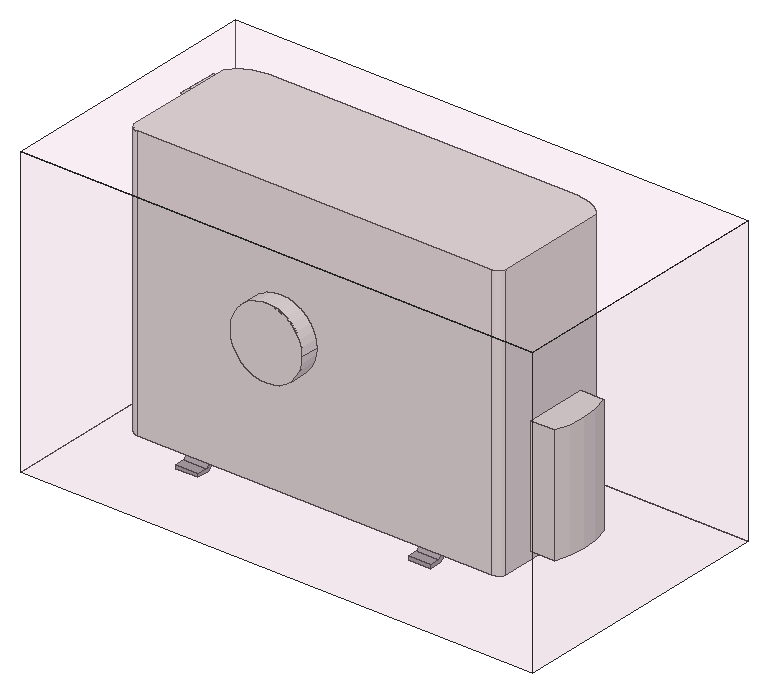
Revit family "BC_Hitachi_RAS-3HVRC2_LOD400", category Equipement de génie climatique, Revit 2018
Family settings
  Cote de connecteur circulaire = Utiliser le diamètre
  Type d'élément = Normal
  Numéro OmniClass = 23.75.70.17
  Titre OmniClass = Water Heated and Cooled Terminal Heating and Cooling Units
  Basée sur le plan de construction = Non
  Toujours verticalement = Oui
  Couper avec des vides une fois chargée = Non
  Partagée = Non
  Point de calcul de pièce = Non
Parameters (values of type "RAS-3HVRC2")
  Zmax (Ω) = 0.4
  Working range (heating) (°C) = "-20~25"
  Working range (cooling) (°C) = "10~46"
  Working range (DHW) (°C) = "-20~35"
  Transmitting cables = "2 x 0,75mm² (*Shielded cable)"
  Visi Maintenance-Installation Area [instance] = yes
  Sound power OU = 69
  Refrigerant charge before shipment = 1.30 kg
  Refrigerant Type = "R32"
  Reference = "RAS-3HVRC2"
  Product Code = ""
  Power supply cables = "2 x 4,0 mm² +GND"
  Piping diameter (liquid) ≥30 = 9.52 mm
  Piping diameter (liquid) ≤ 30 = 6.35 mm
  Piping diameter (gas)  ≥ 30 = 15.88 mm
  Piping diameter (gas)  ≤ 30 = 15.88 mm
  Overall Width = 898.00 mm
  Overall Height = 629.00 mm
  Overall Depth = 300.00 mm
  Object type = ""
  Number of Phases = 1
  Nominal Voltage = 230 V
  Net Weight = 44.00 kg
  Model = "Yutaki 3HP outdoor unit (R32)"
  Maximum Current = 15.8 A
  Global Warming Potential (GWP) (kg CO2 equi/UF) = 675
  Frequency = 50 Hz
  Description = "Yutaki 3HP outdoor unit (R32)"
  BC_VARIANT_ID = "561968"
  BC_OBJECT_VERSION = "#37"  # constant formula
  BC_OBJECT_ID = "215284"  # constant formula
  BC_MODEL_ID = ""  # constant formula
  Applicable voltage - Umin = 207 V
  Miminum piping length = 3000.00 mm
  Maximum piping length (additional refrigerant needed) = "40.00 m"
  Maximum chargless piping length = 10000.00 mm
  Applicable voltage - Umax = 253 V
  Manufacturer Product Link = ""
  MC = 17 A
  MATERIAL = Metal
  Refrigerant pipes connection - liquid pipe diameter = 9.52 mm
  Keyrmark website = ""
  Height difference between OU & IU (lower OU) = 20000.00 mm
  Height difference between OU & IU (higher OU) = 30000.00 mm
  Refrigerant pipes connection - gas pipe diameter = 15.88 mm
  Fabricant = "Hitachi"
  ErP website = "https://www.hitachiaircon-erpactive.com/en/"
  ELB = "2/40/30"
  Type Comments = "Yutaki 3HP outdoor unit (R32)"
  CB = 20 A
  Additional refrigerant charge needed per meter = "15 g/m"
  Actuator cables = "2 x 0,75mm² + GND"
Reference planes
  plane 1 "Centre (avant/arrière)": y = 0
  plane 2 "Bottom": z = 0
  plane 3 "Centre (gauche/droite)": x = 0
  plane 4 "Left": x = -414.5
  plane 5 "Fan Front": y = -190
  plane 6 "Right 1": x = 414.5
  plane 7 "Back": y = 150
  plane 8 "Top": z = 629
  plane 9 "Front": y = -150
  plane 10: z = 314.5
  plane 11: z = 21
  plane 12: z = 335.5
  plane 13: x = -75.753
  plane 14 "Right": x = 483.5
  plane 15: x = -355.753
  plane 16: x = 204.247
  plane 17: z = 615.5
  plane 18: z = 55.5
  plane 19: x = -440.5
  plane 20 "BOX 1": y = 0
  plane 21: y = -69
  plane 22: y = 69
  plane 23: z = 132
  plane 24: z = 193
  plane 25 "BOX 2": y = 60
  plane 26: x = -430.5
  plane 27: x = -401.5
  plane 28: x = 401.5
  plane 29: x = 430.5
  plane 30: x = 440.5
  plane 31: x = 434.5
Forms (mm)
  Extrusion 1, solid, material "Metal" <- "MATERIAL"
    sketch origin (0, 0, 0) x (1, 0, 0) y (0, 1, 0)
      loop
        line (414.5, 150) -> (-414.5, 150) -> (-414.5, -150) -> (414.5, -150) -> (414.5, 150)
    from 21 to 629
  Extrusion 2, solid, material "Metal" <- "MATERIAL"
    sketch origin (67.695, -190, -27.336) x (-1, 0, 0) y (0, 0, 1)
      loop
        circle (143.448, 362.836) r 80
    from 0 to 40
  Sweep 3, void
    path in 3D
      loop
        line (414.5, -150, 629) -> (414.5, -150, 21)
    profile origin (414.5, -150, 325) x (1, 0, 0) y (0, 1, 0)
      loop
        line (0, 0) -> (0, 15)
        arc (0, 15) -> (-7.5, 4.167) -> (-20, 0) r 20.833
        line (-20, 0) -> (0, 0)
  Sweep 4, void
    path in 3D
      loop
        line (-414.5, -150, 629) -> (-414.5, -150, 21)
    profile origin (-414.5, -150, 325) x (-1, 0, 0) y (0, -1, 0)
      loop
        line (0, 0) -> (-20, 0)
        arc (-20, 0) -> (-7.5, -4.167) -> (0, -15) r 20.833
        line (0, -15) -> (0, 0)
  Sweep 5, void
    path in 3D
      loop
        line (-414.5, 150, 629) -> (-414.5, 150, 21)
    profile origin (-414.5, 150, 325) x (-1, 0, 0) y (0, -1, 0)
      loop
        line (0, 0) -> (0, 35)
        arc (0, 35) -> (-30.869, 9.238) -> (-70, 0) r 87.5
        line (-70, 0) -> (0, 0)
  Sweep 6, void
    path in 3D
      loop
        line (414.5, 150, 629) -> (414.5, 150, 21)
    profile origin (414.5, 150, 325) x (1, 0, 0) y (0, 1, 0)
      loop
        line (0, 0) -> (-70, 0)
        arc (-70, 0) -> (-30.869, -9.238) -> (0, -35) r 87.5
        line (0, -35) -> (0, 0)
  Sweep 7, solid, material "Metal" <- "MATERIAL"
    path in 3D
      loop
        line (-401.5, 60, 582.997) -> (-430.5, 60, 618.868)
    profile "Profil2 : Profil2" origin (-416, 60, 600.932) x (0.777649, 0, 0.628699) y (0, 1, 0)
      loop
        line (-13, -31.25) -> (13, -31.25) -> (13, 33.75) -> (-13, 33.75) -> (-13, -31.25)
  Extrusion 8, solid
    sketch origin (0, 0, 0) x (-1, 0, 0) y (0, 0, 1)
      loop
        circle (-434.5, 193) r 4.76
      loop
        circle (-434.5, 132) r 7.94
    from 0 to 69
  Extrusion 9, solid, material "Metal" <- "MATERIAL"
    sketch origin (0, 0, 0) x (1, 0, 0) y (0, 1, 0)
      loop
        line (414.5, 69) -> (414.5, -69) -> (469.5, -69)
        arc (469.5, -69) -> (482.171, 0) -> (469.5, 69) r 194.207
        line (469.5, 69) -> (414.5, 69)
    from 39.5 to 300
  Extrusion 10, solid, material "Aluminium"
    sketch origin (-414.5, 0, 0) x (0, 1, 0) y (0, 0, 1)
      loop
        line (170, 0) -> (170, 7) -> (135, 7) -> (115.104, 21) -> (-127.604, 21) -> (-147.5, 7) -> (-170, 7) -> (-170, 0) -> (-144.601, 0) -> (-124.704, 14) -> (112.204, 14) -> (132.101, 0) -> (170, 0)
    from 121 to 171
  Extrusion 11, solid, material "Aluminium"
    sketch origin (104, 0, 0) x (0, 1, 0) y (0, 0, 1)
      loop
        line (170, 0) -> (170, 7) -> (135, 7) -> (115.104, 21) -> (-127.604, 21) -> (-147.5, 7) -> (-170, 7) -> (-170, 0) -> (-144.601, 0) -> (-124.704, 14) -> (112.204, 14) -> (132.101, 0) -> (170, 0)
    from 121 to 171
Cuts and joins
  Sweep 3, Sweep 4, Sweep 5, Sweep 6 cuts Extrusion 1
  joined: Extrusion 1, Sweep 7
Lines and regions (mm)
  sketch lines
    curve 1: line (414.5, -150, 629) -> (414.5, -150, 21)
    curve 2: line (-414.5, -150, 629) -> (-414.5, -150, 21)
    curve 11: line (-414.5, 150, 629) -> (-414.5, 150, 21)
    curve 12: line (414.5, 150, 629) -> (414.5, 150, 21)
    curve 14: line (-401.5, 60, 582.997) -> (-430.5, 60, 618.868)
  model lines
    curve 3: line (-330.753, -150, 601) -> (189.247, -150, 601)
    curve 4: line (-355.753, -150, 66) -> (-355.753, -150, 576)
    curve 5: line (204.247, -150, 578.087) -> (204.247, -150, 66)
    curve 6: arc (189.247, -150, 601) -> (200.163, -150, 591.78) -> (204.247, -150, 578.087) r 25
    curve 7: arc (179.247, -150, 41) -> (196.925, -150, 48.322) -> (204.247, -150, 66) r 25
    curve 8: line (-330.753, -150, 41) -> (179.247, -150, 41)
    curve 9: arc (-330.753, -150, 41) -> (-348.431, -150, 48.322) -> (-355.753, -150, 66) r 25
    curve 10: arc (-330.753, -150, 601) -> (-348.431, -150, 593.678) -> (-355.753, -150, 576) r 25
  reference lines
    curve 13: line (-401.5, 60, 582.997) -> (-430.5, 60, 618.868)
    curve 15: line (401.5, 0, 582.997) -> (430.5, 0, 618.868)
  model lines, style "Hitachi"
    curve 16: circle (-75.753, -150, 321) r 80 normal (0, 1, 0)
    curve 17: circle (-75.753, -150, 321) r 94.506 normal (0, 1, 0)
    curve 18: circle (-75.753, -150, 321) r 107.494 normal (0, 1, 0)
    curve 19: circle (-75.753, -150, 321) r 122.506 normal (0, 1, 0)
    curve 20: circle (-75.753, -150, 321) r 136.506 normal (0, 1, 0)
    curve 21: circle (-75.753, -150, 321) r 149.494 normal (0, 1, 0)
    curve 22: circle (-75.753, -150, 321) r 163.494 normal (0, 1, 0)
    curve 23: circle (-75.753, -150, 321) r 177.494 normal (0, 1, 0)
    curve 24: circle (-75.753, -150, 321) r 192.506 normal (0, 1, 0)
    curve 25: circle (-75.753, -150, 321) r 205.494 normal (0, 1, 0)
    curve 26: circle (-75.753, -150, 321) r 220.506 normal (0, 1, 0)
    curve 27: circle (-75.753, -150, 321) r 234.506 normal (0, 1, 0)
    curve 28: circle (-75.753, -150, 321) r 247.494 normal (0, 1, 0)
    curve 29: circle (-75.753, -150, 321) r 261.702 normal (0, 1, 0)
    curve 30: line (-82.898, -150, 400.68) -> (-93.465, -150, 582.102)
    curve 31: line (-77.907, -150, 400.971) -> (-88.473, -150, 582.393)
    curve 32: line (-64.33, -150, 400.18) -> (-32.773, -150, 579.149)
    curve 33: line (-59.406, -150, 399.312) -> (-27.849, -150, 578.28)
    curve 34: line (-46.378, -150, 395.412) -> (25.601, -150, 562.278)
    curve 35: line (-41.787, -150, 393.431) -> (30.193, -150, 560.298)
    curve 36: line (-30.009, -150, 386.631) -> (78.512, -150, 532.401)
    curve 37: line (-25.998, -150, 383.646) -> (82.523, -150, 529.415)
    curve 38: line (-16.106, -150, 374.313) -> (123.106, -150, 491.126)
    curve 39: line (-12.893, -150, 370.483) -> (126.32, -150, 487.296)
    curve 40: line (-5.419, -150, 359.12) -> (156.98, -150, 440.68)
    curve 41: line (-3.175, -150, 354.652) -> (159.224, -150, 436.212)
    curve 42: line (1.476, -150, 341.873) -> (178.307, -150, 383.783)
    curve 43: line (2.629, -150, 337.008) -> (179.46, -150, 378.917)
    curve 44: line (4.208, -150, 323.5) -> (185.937, -150, 323.5)
    curve 45: line (4.208, -150, 318.5) -> (185.937, -150, 318.5)
    curve 46: line (2.629, -150, 304.992) -> (179.46, -150, 263.083)
    curve 47: line (1.476, -150, 300.127) -> (178.307, -150, 258.217)
    curve 48: line (-3.175, -150, 287.348) -> (159.224, -150, 205.788)
    curve 49: line (-5.419, -150, 282.88) -> (156.98, -150, 201.32)
    curve 50: line (-12.893, -150, 271.517) -> (126.32, -150, 154.704)
    curve 51: line (-16.106, -150, 267.687) -> (123.106, -150, 150.874)
    curve 52: line (-25.998, -150, 258.354) -> (82.523, -150, 112.585)
    curve 53: line (-30.009, -150, 255.369) -> (78.512, -150, 109.599)
    curve 54: line (-41.787, -150, 248.569) -> (30.193, -150, 81.702)
    curve 55: line (-46.378, -150, 246.588) -> (25.601, -150, 79.722)
    curve 56: line (-59.406, -150, 242.688) -> (-27.849, -150, 63.72)
    curve 57: line (-64.33, -150, 241.82) -> (-32.773, -150, 62.851)
    curve 58: line (-77.907, -150, 241.029) -> (-88.473, -150, 59.607)
    curve 59: line (-82.898, -150, 241.32) -> (-93.465, -150, 59.898)
    curve 60: line (-96.291, -150, 243.681) -> (-148.412, -150, 69.587)
    curve 61: line (-101.081, -150, 245.115) -> (-153.202, -150, 71.021)
    curve 62: line (-113.569, -150, 250.502) -> (-204.433, -150, 93.12)
    curve 63: line (-117.899, -150, 253.002) -> (-208.763, -150, 95.62)
    curve 64: line (-128.807, -150, 261.123) -> (-253.517, -150, 128.938)
    curve 65: line (-132.444, -150, 264.554) -> (-257.154, -150, 132.369)
    curve 66: line (-141.186, -150, 274.972) -> (-293.018, -150, 175.11)
    curve 67: line (-143.933, -150, 279.149) -> (-295.766, -150, 179.288)
    curve 68: line (-150.037, -150, 291.303) -> (-320.806, -150, 229.147)
    curve 69: line (-151.747, -150, 296.001) -> (-322.517, -150, 233.846)
    curve 70: line (-154.883, -150, 309.234) -> (-335.384, -150, 288.137)
    curve 71: line (-155.464, -150, 314.2) -> (-335.964, -150, 293.103)
    curve 72: line (-155.464, -150, 327.8) -> (-335.964, -150, 348.897)
    curve 73: line (-154.883, -150, 332.766) -> (-335.384, -150, 353.863)
    curve 74: line (-151.747, -150, 345.999) -> (-322.517, -150, 408.154)
    curve 75: line (-150.037, -150, 350.697) -> (-320.806, -150, 412.853)
    curve 76: line (-143.933, -150, 362.851) -> (-295.766, -150, 462.712)
    curve 77: line (-141.186, -150, 367.028) -> (-293.018, -150, 466.89)
    curve 78: line (-132.444, -150, 377.446) -> (-257.154, -150, 509.631)
    curve 79: line (-128.807, -150, 380.877) -> (-253.517, -150, 513.062)
    curve 80: line (-117.899, -150, 388.998) -> (-208.763, -150, 546.38)
    curve 81: line (-113.569, -150, 391.498) -> (-204.433, -150, 548.88)
    curve 82: line (-101.081, -150, 396.885) -> (-153.202, -150, 570.979)
    curve 83: line (-96.291, -150, 398.319) -> (-148.412, -150, 572.413)
Dimensions and locks
  equal spacing: plane 4 "Left", plane 3 "Centre (gauche/droite)", plane 6 "Right 1"
  "Overall Height": plane 8 "Top" to level
  equal spacing: plane 8 "Top", plane 10, plane 2 "Bottom"
  plane 12 to plane 10 = 21.00 mm
  plane 11 to plane 2 "Bottom" = 21.00 mm
  plane 5 "Fan Front" to plane 1 "Centre (avant/arrière)" = 190.00 mm
  equal spacing: plane 15, plane 13, plane 16
  plane 15 to plane 13 = 280.00 mm
  equal spacing: plane 17, plane 12, plane 18
  plane 17 to plane 12 = 280.00 mm
  locked: plane 4 "Left" to plane 19 at 26
  locked: plane 23 to plane 2 "Bottom" at 132
  plane 24 to plane 2 "Bottom" = 193.00 mm
  locked: plane 26 to plane 19 at 10
  locked: plane 27 to plane 4 "Left" at 13
  locked: plane 6 "Right 1" to plane 30 at 26
  plane 29 to plane 30 = 10.00 mm
  locked: plane 28 to plane 6 "Right 1" at 13
  locked: plane 6 "Right 1" to plane 31 at 20
  plane 14 "Right" to plane 19 = 924.00 mm
  equal spacing: plane 22, plane 1 "Centre (avant/arrière)", plane 21
  "Overall Depth": plane 7 "Back" to plane 9 "Front"
  "Overall Width": plane 14 "Right" to plane 4 "Left"
  locked: plane 6 "Right 1" to plane 14 "Right" at 69
  "Refrigerant pipes connection - liquid pipe diameter": diameter of Extrusion 8 sketch curve
  "Refrigerant pipes connection - gas pipe diameter": diameter of Extrusion 8 sketch curve
  aligned and locked: level to plane 2 "Bottom"
  aligned and locked: plane 8 "Top" to Extrusion 1
  aligned and locked: Extrusion 1 to plane 11
  aligned and locked: Extrusion 2 to plane 5 "Fan Front"
  aligned and locked: plane 12 to Extrusion 2 sketch curve
  aligned and locked: plane 13 to Extrusion 2 sketch curve
  aligned and locked: plane 15 to curve 4
  aligned and locked: curve 5 to plane 16
  aligned and locked: plane 9 "Front" to Extrusion 2
  aligned and locked: plane 27 to curve 13
  aligned and locked: plane 28 to curve 15
  aligned and locked: curve 15 to plane 29
  aligned and locked: plane 31 to Extrusion 8 sketch curve  (x2)
  aligned and locked: plane 24 to Extrusion 8 sketch curve
  aligned and locked: plane 23 to Extrusion 8 sketch curve
  aligned and locked: plane 22 to Extrusion 8
  aligned and locked: plane 20 "BOX 1" to plane 1 "Centre (avant/arrière)"
Automatic sketch dimensions
  Extrusion 1 sketch curve to plane 4 "Left" = 0.00 mm
  Extrusion 1 sketch curve to plane 6 "Right 1" = 0.00 mm
  Extrusion 1 sketch curve to plane 9 "Front" = 0.00 mm
  plane 7 "Back" to Extrusion 1 sketch curve = 0.00 mm
  profile plane to Sweep 3 sketch curve = 0.00 mm
  Sweep 3 sketch curve to profile plane = 0.00 mm
  Sweep 3 sketch curve to profile plane = 20.00 mm
  Sweep 3 sketch curve to Sweep 3 sketch curve = 15.00 mm
  Sweep 4 sketch curve to profile plane = 0.00 mm  (x2)
  Sweep 4 sketch curve to profile plane = 20.00 mm
  profile plane to Sweep 4 sketch curve = 15.00 mm
  Sweep 5 sketch curve to profile plane = 0.00 mm  (x2)
  Sweep 5 sketch curve to profile plane = 70.00 mm
  Sweep 5 sketch curve to profile plane = 35.00 mm
  profile plane to Sweep 6 sketch curve = 0.00 mm
  Sweep 6 sketch curve to profile plane = 0.00 mm
  Sweep 6 sketch curve to profile plane = 70.00 mm
  profile plane to Sweep 6 sketch curve = 35.00 mm
  curve 13 to plane 26 = 0.00 mm
  curve 13 to plane 8 "Top" = 46.003 mm
  curve 13 to plane 8 "Top" = 10.132 mm
  curve 15 to plane 8 "Top" = 46.003 mm
  curve 15 to plane 8 "Top" = 10.132 mm
  plane 1 "Centre (avant/arrière)" to Extrusion 9 sketch curve = 0.00 mm
  Extrusion 9 sketch curve to plane 6 "Right 1" = 0.00 mm
  Extrusion 9 sketch curve to plane 22 = 0.00 mm
  Extrusion 9 sketch curve to plane 21 = 0.00 mm
  plane 16 to Extrusion 9 sketch curve = 83.717 mm
  Extrusion 9 sketch curve to plane 14 "Right" = 14.00 mm
  Extrusion 10 sketch curve to level = 0.00 mm  (x2)
  Extrusion 10 sketch curve to plane 11 = 0.00 mm
  level to Extrusion 10 sketch curve = 7.00 mm  (x2)
  plane 5 "Fan Front" to Extrusion 10 sketch curve = 20.00 mm
  plane 9 "Front" to Extrusion 10 sketch curve = 2.50 mm
  plane 9 "Front" to Extrusion 10 sketch curve = 5.399 mm
  plane 9 "Front" to Extrusion 10 sketch curve = 22.396 mm
  Extrusion 10 sketch curve to Extrusion 10 sketch curve = 2.899 mm  (x3)
  Extrusion 10 sketch curve to plane 11 = 7.00 mm
  plane 7 "Back" to Extrusion 10 sketch curve = 37.796 mm
  plane 7 "Back" to Extrusion 10 sketch curve = 17.899 mm
  Extrusion 10 sketch curve to plane 7 "Back" = 20.00 mm
  Extrusion 11 sketch curve to level = 0.00 mm  (x2)
  Extrusion 11 sketch curve to plane 11 = 0.00 mm
  level to Extrusion 11 sketch curve = 7.00 mm  (x2)
  plane 5 "Fan Front" to Extrusion 11 sketch curve = 20.00 mm
  plane 9 "Front" to Extrusion 11 sketch curve = 2.50 mm
  plane 9 "Front" to Extrusion 11 sketch curve = 5.399 mm
  plane 9 "Front" to Extrusion 11 sketch curve = 22.396 mm
  Extrusion 11 sketch curve to Extrusion 11 sketch curve = 2.899 mm  (x3)
  Extrusion 11 sketch curve to plane 11 = 7.00 mm
  plane 7 "Back" to Extrusion 11 sketch curve = 37.796 mm
  plane 7 "Back" to Extrusion 11 sketch curve = 17.899 mm
  Extrusion 11 sketch curve to plane 7 "Back" = 20.00 mm
  curve 16 to curve 18 = 0.00 mm
  curve 16 to curve 25 = 0.00 mm
  curve 17 to curve 18 = 0.00 mm  (x2)
  curve 17 to curve 19 = 0.00 mm  (x2)
  curve 17 to curve 20 = 0.00 mm  (x2)
  curve 17 to curve 21 = 0.00 mm  (x2)
  curve 17 to curve 22 = 0.00 mm  (x2)
  curve 17 to curve 23 = 0.00 mm  (x2)
  curve 17 to curve 24 = 0.00 mm  (x2)
  curve 24 to curve 25 = 0.00 mm
  curve 24 to curve 26 = 0.00 mm
  curve 25 to curve 29 = 0.00 mm  (x2)
  curve 26 to curve 29 = 0.00 mm  (x2)
  curve 27 to curve 29 = 0.00 mm  (x2)
  curve 28 to curve 29 = 0.00 mm  (x2)
  plane 13 to curve 23 = 0.00 mm
  curve 3 to plane 16 = 15.00 mm
  curve 6 to plane 16 = 25.00 mm
  curve 8 to plane 18 = 14.50 mm
  curve 8 to plane 16 = 25.00 mm
  plane 18 to curve 9 = 10.50 mm
  curve 10 to curve 4 = 25.00 mm
  plane 10 to curve 19 = 6.50 mm
  curve 4 to plane 17 = 39.50 mm
  plane 10 to curve 44 = 9.00 mm
  curve 44 to plane 16 = 18.31 mm
  plane 10 to curve 45 = 4.00 mm
  curve 43 to plane 16 = 24.787 mm
  curve 46 to plane 16 = 24.787 mm
  curve 43 to curve 42 = 1.153 mm
  curve 46 to curve 47 = 1.153 mm
  plane 24 to curve 48 = 12.788 mm
  curve 41 to plane 16 = 45.023 mm
  curve 41 to curve 40 = 2.244 mm  (x2)
  plane 24 to curve 49 = 8.32 mm
  curve 40 to curve 39 = 30.66 mm
  plane 23 to curve 50 = 22.704 mm
  curve 39 to curve 38 = 3.214 mm  (x2)
  plane 23 to curve 51 = 18.874 mm
  curve 52 to plane 23 = 19.415 mm
  curve 38 to curve 37 = 40.583 mm
  curve 37 to curve 36 = 4.011 mm  (x2)
  curve 53 to plane 23 = 22.401 mm
  plane 3 "Centre (gauche/droite)" to curve 35 = 30.193 mm
  plane 18 to curve 54 = 26.202 mm
  plane 18 to curve 55 = 24.222 mm
  curve 35 to curve 34 = 4.591 mm  (x2)
  plane 3 "Centre (gauche/droite)" to curve 44 = 4.208 mm
  plane 12 to curve 43 = 1.508 mm
  plane 3 "Centre (gauche/droite)" to curve 46 = 2.629 mm
  plane 3 "Centre (gauche/droite)" to curve 47 = 1.476 mm
  plane 3 "Centre (gauche/droite)" to curve 42 = 1.476 mm
  curve 48 to plane 3 "Centre (gauche/droite)" = 3.175 mm
  curve 41 to plane 3 "Centre (gauche/droite)" = 3.175 mm
  curve 48 to curve 49 = 2.244 mm
  curve 39 to plane 3 "Centre (gauche/droite)" = 12.893 mm
  curve 50 to plane 3 "Centre (gauche/droite)" = 12.893 mm
  curve 50 to curve 51 = 3.214 mm
  curve 38 to curve 37 = 9.892 mm
  curve 51 to curve 52 = 9.892 mm
  plane 18 to curve 56 = 8.22 mm
  curve 33 to plane 3 "Centre (gauche/droite)" = 27.849 mm
  curve 52 to curve 53 = 4.011 mm
  plane 18 to curve 57 = 7.351 mm
  curve 33 to curve 32 = 4.924 mm  (x2)
  curve 53 to curve 54 = 11.778 mm
  curve 36 to curve 35 = 11.778 mm
  curve 54 to curve 55 = 4.591 mm
  curve 34 to curve 33 = 13.028 mm
  curve 55 to curve 56 = 13.028 mm
  curve 56 to curve 57 = 4.924 mm
  plane 13 to curve 31 = 2.154 mm
  plane 13 to curve 58 = 2.154 mm
  curve 31 to curve 30 = 4.992 mm  (x2)
  curve 58 to curve 59 = 4.992 mm
  plane 13 to curve 31 = 12.72 mm
  plane 18 to curve 58 = 4.107 mm
  plane 18 to curve 59 = 4.398 mm
  curve 30 to curve 83 = 13.393 mm
  curve 59 to curve 60 = 13.393 mm
  curve 83 to curve 82 = 4.79 mm
  curve 60 to curve 61 = 4.79 mm
  curve 82 to curve 81 = 12.487 mm
  curve 61 to curve 62 = 12.487 mm
  curve 81 to curve 80 = 4.33 mm
  curve 62 to curve 63 = 4.33 mm
  plane 12 to curve 79 = 45.377 mm
  curve 63 to curve 64 = 10.909 mm
  plane 12 to curve 78 = 41.946 mm
  curve 65 to plane 10 = 49.946 mm
  curve 66 to plane 10 = 39.528 mm
  plane 12 to curve 77 = 31.528 mm
  plane 12 to curve 76 = 27.351 mm
  curve 67 to plane 10 = 35.351 mm
  curve 83 to plane 17 = 43.087 mm
  plane 18 to curve 60 = 14.087 mm
  plane 12 to curve 75 = 15.197 mm
  curve 68 to plane 10 = 23.197 mm
  curve 69 to plane 10 = 18.499 mm
  plane 12 to curve 74 = 10.499 mm
  curve 82 to plane 17 = 44.521 mm
  plane 18 to curve 61 = 15.521 mm
  curve 73 to plane 12 = 2.734 mm
  curve 70 to plane 10 = 5.266 mm
  curve 71 to plane 10 = 0.30 mm
  curve 72 to plane 12 = 7.70 mm
  curve 81 to plane 17 = 66.62 mm
  plane 18 to curve 62 = 37.62 mm
  curve 80 to plane 17 = 69.12 mm
  curve 63 to plane 23 = 36.38 mm
  curve 80 to curve 79 = 44.754 mm
  curve 64 to plane 23 = 3.062 mm
  curve 79 to curve 78 = 3.637 mm
  plane 23 to curve 65 = 0.369 mm
  curve 78 to curve 77 = 35.864 mm
  curve 66 to plane 24 = 17.89 mm
  curve 77 to curve 76 = 2.748 mm
  curve 67 to plane 24 = 13.712 mm
  plane 15 to curve 75 = 34.947 mm
  plane 15 to curve 68 = 34.947 mm
  curve 68 to curve 69 = 1.71 mm
  curve 75 to curve 74 = 1.71 mm
  plane 15 to curve 70 = 20.37 mm
  plane 12 to curve 73 = 18.363 mm
  curve 70 to curve 71 = 0.58 mm
  plane 12 to curve 72 = 13.397 mm
  radius of Extrusion 2 sketch curve = 80.00 mm
  radius of curve 17 = 94.506 mm
  radius of curve 18 = 107.494 mm
  radius of curve 19 = 122.506 mm
  radius of curve 20 = 136.506 mm
  radius of curve 21 = 149.494 mm
  radius of curve 22 = 163.494 mm
  radius of curve 23 = 177.494 mm
  radius of curve 24 = 192.506 mm
  radius of curve 25 = 205.494 mm
  radius of curve 26 = 220.506 mm
  radius of curve 27 = 234.506 mm
  radius of curve 28 = 247.494 mm
Nested families
  nested 1: "BC_Hitachi_SERVICE SPACE" at (0, 0, 0), visible <- "Visi Maintenance-Installation Area", type "Service Space"
    with Service Space Material CALC_Zone de maintenance, CALC_Service Space Right From Center 646.00 mm, CALC_Service Space Right 250.00 mm, CALC_Service Space Left From Center 496.00 mm, CALC_Service Space Left 100.00 mm, CALC_Service Space Height From Bottom 639.00 mm, CALC_Service Space Height 10.00 mm, CALC_Service Space Front From Center 350.00 mm, CALC_Service Space Front 200.00 mm, CALC_Service Space Back from Center 250.00 mm, CALC_Service Space Back 100.00 mm, Overall Width 792.00 mm, Overall Height 629.00 mm, Overall Depth 300.00 mm
Connectors
  electrical at (414.5, -60, 270), driven by "Nominal Voltage"
    settings: index 3, voltage 230 V, apparent load 0 VA, apparent load phase1 0 VA, apparent load phase2 0 VA, apparent load phase3 0 VA, power factor 1, load classification "Autre", number of poles 1, system type 30, power factor state 1, is connector primary yes, connector utility no, sub classification motor no, connector description ""
  piping at (434.5, 69, 193), diameter 9.52, driven by "Refrigerant pipes connection - liquid pipe diameter"
    settings: on Extrusion 8, index 4, connector inside diameter 609.6 mm, connector length 0.00 mm, flow factor 0, pipe flow 0.0 L/s, pressure drop 0.0 Pa, fitting loss kfactor 0, connector angle 0.00°, fixture units 0, engagement length 0.00 mm, angle of deflection 0.00°, flow configuration 0, flow direction 0, fitting loss method 0, system type 7, joint type 0, gender type 0, connector reference index -1, connector utility 0, adjustable connector no, is connector primary yes, connector description "Liquide"
  piping at (434.5, 69, 132), diameter 15.88, driven by "Refrigerant pipes connection - gas pipe diameter"
    settings: on Extrusion 8, index 5, connector inside diameter 609.6 mm, connector length 0.00 mm, flow factor 0, pipe flow 0.0 L/s, pressure drop 0.0 Pa, fitting loss kfactor 0, connector angle 0.00°, fixture units 0, engagement length 0.00 mm, angle of deflection 0.00°, flow configuration 0, flow direction 0, fitting loss method 0, system type 7, joint type 0, gender type 0, connector reference index -1, connector utility 0, adjustable connector no, is connector primary no, connector description "Gas"
Definition of nested family "BC_Hitachi_SERVICE SPACE"
  Parameters (values of type "RASM-3VNE")
    Service Space Material [instance] = none
    Product Code = ""
    Overall Width = 1252.00 mm
    Overall Height = 800.00 mm
    Overall Depth = 425.00 mm
    Object type = ""
    Model = ""
    Manufacturer Product Link = ""
    Manufacturer = ""
    CALC_Service Space Right From Center [instance] = Overall Width / 2 + CALC_Service Space Right  # 876.00 mm
    CALC_Service Space Left From Center [instance] = Overall Width / 2 + CALC_Service Space Left  # 726.00 mm
    CALC_Service Space Height From Bottom [instance] = CALC_Service Space Height + Overall Height  # 800.00 mm
    CALC_Service Space Height [instance] = 0.00 mm
    CALC_Service Space Front From Center [instance] = Overall Depth / 2 + CALC_Service Space Front  # 412.50 mm
    CALC_Service Space Back from Center [instance] = Overall Depth / 2 + CALC_Service Space Back  # 312.50 mm
    CALC_Service Space Right [instance] = 250.00 mm
    CALC_Service Space Left [instance] = 100.00 mm
    CALC_Service Space Front [instance] = 200.00 mm
    CALC_Service Space Back [instance] = 100.00 mm
  Types (2): name
    RASM-3VNE
    Service Space
  Reference planes
    plane 1 "Centre (avant/arrière)": y = 0
    plane 2 "Bottom": z = 0
    plane 3 "Centre (gauche/droite)": x = 0
    plane 4 "Top": z = 800
    plane 5: y = -412.5
    plane 6: y = 312.5
    plane 7: x = -726
    plane 8: x = 876
  Forms (mm)
    Extrusion 1, solid, material <- "Service Space Material"
      sketch origin (0, 0, 0) x (1, 0, 0) y (0, 1, 0)
        loop
          line (-726, 312.5) -> (-726, -412.5) -> (876, -412.5) -> (876, 312.5) -> (-726, 312.5)
      from 0 to 800
  Lines and regions (mm)
    symbolic lines
      curve 1: line (-726, 312.5, 0) -> (876, 312.5, 0)
      curve 2: line (-726, -412.5, 0) -> (-726, 312.5, 0)
      curve 3: line (876, -412.5, 0) -> (-726, -412.5, 0)
      curve 4: line (876, 312.5, 0) -> (876, -412.5, 0)
  Dimensions and locks
    "CALC_Service Space Height From Bottom": plane 4 "Top" to level
    "CALC_Service Space Left From Center": plane 7 to plane 3 "Centre (gauche/droite)"
    "CALC_Service Space Right From Center": plane 3 "Centre (gauche/droite)" to plane 8
    "CALC_Service Space Back from Center": plane 1 "Centre (avant/arrière)" to plane 6
    "CALC_Service Space Front From Center": plane 1 "Centre (avant/arrière)" to plane 5
    aligned and locked: level to plane 2 "Bottom"
    aligned and locked: plane 6 to curve 1
    aligned and locked: curve 2 to plane 7
    aligned and locked: plane 5 to curve 3
    aligned and locked: curve 4 to plane 8
    aligned and locked: Extrusion 1 sketch curve to curve 1
    aligned and locked: Extrusion 1 sketch curve to curve 2
    aligned and locked: Extrusion 1 sketch curve to curve 3
    aligned and locked: Extrusion 1 sketch curve to curve 4
    aligned and locked: plane 4 "Top" to Extrusion 1
